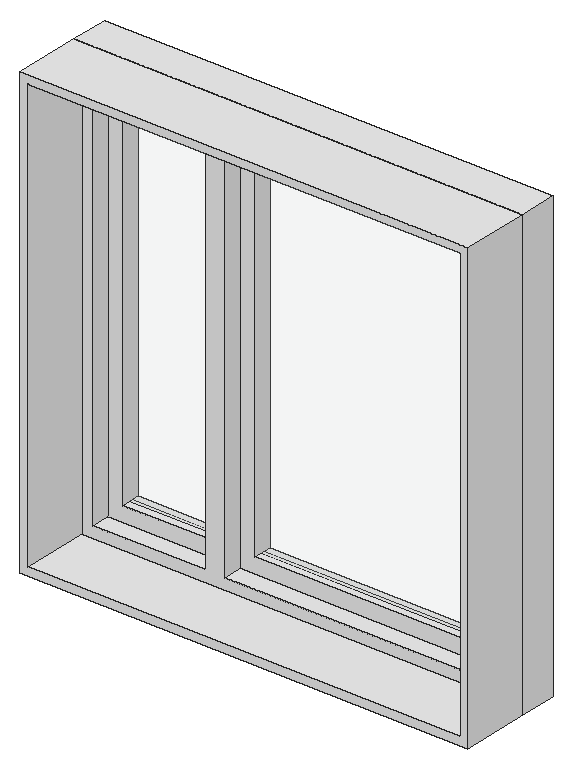
Revit family "Double Vertical", category Windows, host Wall, Revit 2015
Parameters (values of type "12x12M")
  WindowBasalOpening = ""
  Width Side = 400 mm
  Wall Thickness [instance] = 300 mm
  URL = ""
  Total Glass Area = (Rough Height - Frame Width * 2) * (Rough Width - Frame Width * 2)  # 1.1881 m²
  Offset [instance] = 20 mm
  Module Width = Rough Width / 100 mm  # 12
  Module Height = Rough Height / 100 mm  # 12
  Material Jamb = none
  Jamb Width = 20 mm
  Jamb [instance] = yes
  Gap [instance] = 10 mm
  Rough Width = 1190 mm
  Rough Height = 1190 mm
  Model = ""
  Material Glass = none
  Material Frame = none
  Frame Width = 50 mm
  Height [instance] = Rough Height + Gap * 2  # 1210 mm
  Frame Depth = 100 mm
  Field 2 [instance] = Opening : Opening
  Field 1 [instance] = Opening : Opening
  Default Sill Height = 900 mm
  Wall Closure = By host
  Width [instance] = Rough Width + Gap * 2  # 1210 mm
  Assembly Code = ""
  Analytic Construction = "<None>"
Reference planes
  plane 1 "Center (Front/Back)": y = -20
  plane 2 "Center (Left/Right)": x = -42.398
  plane 3 "Left": x = -647.398
  plane 4 "Right": x = 562.602
  plane 5 "Sill": z = 900
  plane 6 "Head": z = 2110
  plane 7 "Exterior": y = 130
  plane 8 "Interior": y = -170
  plane 9: x = -637.398
  plane 10: x = 552.602
  plane 11: z = 910
  plane 12: z = 2100
  plane 13 "Offset": y = 110
  plane 14 "Offset Jamb": y = 10
  plane 15: x = 502.602
  plane 16: x = -587.398
  plane 17: z = 2050
  plane 18: z = 960
  plane 19: x = -647.398
  plane 20: x = 562.602
  plane 21: z = 900
  plane 22: z = 2110
  plane 23: x = -237.398
  plane 24: x = -287.398
Forms (mm)
  Extrusion 1, solid, material <- "Material Frame"
    sketch origin (0, 110, 0) x (-1, 0, 0) y (0, 0, 1)
      loop
        line (-552.602, 2100) -> (-552.602, 910) -> (637.398, 910) -> (637.398, 2100) -> (-552.602, 2100)
      loop
        line (-502.602, 960) -> (237.398, 960) -> (237.398, 2050) -> (-502.602, 2050) -> (-502.602, 960)
      loop
        line (587.398, 2050) -> (287.398, 2050) -> (287.398, 960) -> (587.398, 960) -> (587.398, 2050)
    from 0 to -100
  Extrusion 2, solid, material <- "Material Jamb", visible <- "Jamb", detail levels medium+fine
    sketch origin (0, 10, 0) x (-1, 0, 0) y (0, 0, 1)
      loop
        line (-552.602, 2100) -> (-552.602, 910) -> (637.398, 910) -> (637.398, 2100) -> (-552.602, 2100)
      loop
        line (617.398, 2080) -> (-532.602, 2080) -> (-532.602, 930) -> (617.398, 930) -> (617.398, 2080)
    from 0 to -180
Lines and regions (mm)
  Opening 1
    outline origin (3500, -170, 0) x (1, 0, 0) y (0, 0, 1)
      loop
        line (-2937.398, 900) -> (-2937.398, 2110) -> (-4147.398, 2110) -> (-4147.398, 900) -> (-2937.398, 900)
Text (mm)
  text "EXTERIOR" at (-1981.535, 863.181, 0), in view "Ref. Level"
  text "INTERIOR" at (-2017.992, -707.606, 0), in view "Ref. Level"
  text "Exterior" at (0, 923.751, 2943.296), in view "Right"
  text "Exterior" at (0, 1019.841, 2788.626), in view "Left"
Dimensions and locks
  equal spacing: plane 3 "Left", plane 2 "Center (Left/Right)", plane 4 "Right"
  "Rough Width": plane 9 to plane 10
  "Rough Height": plane 11 to plane 12
  "Default Sill Height": plane 21 to level
  locked: plane 7 "Exterior" to host wall
  locked: plane 8 "Interior" to host wall
  "Gap": plane 12 to plane 6 "Head"
  "Gap": plane 5 "Sill" to plane 11
  "Gap": plane 10 to plane 4 "Right"
  "Gap": plane 9 to plane 3 "Left"
  "Offset": plane 13 "Offset" to plane 7 "Exterior"
  "Frame Depth": plane 13 "Offset" to plane 14 "Offset Jamb"
  equal spacing: plane 8 "Interior", plane 1 "Center (Front/Back)", plane 7 "Exterior"
  "Frame Width": plane 17 to plane 12
  "Frame Width": plane 16 to plane 9
  "Frame Width": plane 11 to plane 18
  "Frame Width": plane 10 to plane 15
  "Jamb Width": Extrusion 2 sketch curve to Extrusion 2 sketch curve  (x4)
  "Wall Thickness": host wall to host wall
  "Width Side": plane 23 to plane 9
  "Frame Width": plane 23 to plane 24
  aligned and locked: plane 10 to Extrusion 1
  aligned and locked: Extrusion 1 to plane 9
  aligned and locked: plane 12 to Extrusion 1
  aligned and locked: Extrusion 1 to plane 11
  aligned and locked: Extrusion 1 to plane 14 "Offset Jamb"
  aligned and locked: plane 8 "Interior" to Extrusion 2
  aligned and locked: Extrusion 1 sketch curve to plane 15
  aligned and locked: Extrusion 1 sketch curve to plane 17  (x2)
  aligned and locked: Extrusion 1 sketch curve to plane 16
  aligned and locked: Extrusion 1 sketch curve to plane 18  (x2)
  aligned and locked: Extrusion 2 sketch curve to plane 9
  aligned and locked: Extrusion 2 sketch curve to plane 12
  aligned and locked: Extrusion 2 sketch curve to plane 10
  aligned and locked: Extrusion 2 sketch curve to plane 11
  aligned and locked: plane 19 to plane 3 "Left"
  aligned and locked: plane 20 to plane 4 "Right"
  aligned and locked: plane 21 to plane 5 "Sill"
  aligned and locked: plane 22 to plane 6 "Head"
  aligned and locked: Extrusion 1 sketch curve to plane 23
  aligned and locked: Extrusion 1 sketch curve to plane 24
  aligned and locked: plane 16 to nested 1
  aligned and locked: nested 1 to plane 24
  aligned and locked: nested 2 to plane 23
  aligned and locked: nested 2 to plane 15
  aligned and locked: nested 1 to plane 17
  aligned and locked: nested 2 to plane 17
  aligned and locked: plane 18 to nested 1
  aligned and locked: plane 18 to nested 2
Automatic sketch dimensions
  Opening 1 sketch curve to plane 3 "Left" = 0 mm
  Opening 1 sketch curve to plane 4 "Right" = 0 mm
  Opening 1 sketch curve to plane 5 "Sill" = 0 mm
  Opening 1 sketch curve to plane 6 "Head" = 0 mm
  Extrusion 1 sketch curve to plane 10 = 0 mm
  Extrusion 1 sketch curve to plane 9 = 0 mm
  Extrusion 1 sketch curve to plane 11 = 0 mm
  Extrusion 1 sketch curve to plane 12 = 0 mm
Nested families
  nested 1: "Opening" at (-437.398, -20, 160), type <- "Field 2", Offset <- "Offset", Material Glass <- "Material Glass", Material Frame <- "Material Frame", type "Opening"
    with Width 300 mm, Offset 20 mm, Material Glass none, Material Frame none, Height 1090 mm
  nested 2: "Opening" at (132.602, -20, 160), type <- "Field 1", Offset <- "Offset", Material Glass <- "Material Glass", Material Frame <- "Material Frame", type "Opening"
    with Width 740 mm, Offset 20 mm, Material Glass none, Material Frame none, Height 1090 mm
Definition of nested family "Opening"
  Parameters (values of type "Opening")
    Offset [instance] = 20 mm
    Material Glass [instance] = none
    Material Frame [instance] = none
    Height [instance] = 1500 mm
    Default Sill Height = 800 mm
    Wall Closure = (empty or 0)
    Width [instance] = 1000 mm
    Analytic Construction = "<None>"
  Reference planes
    plane 1 "Center (Front/Back)": y = 0
    plane 2 "Center (Left/Right)": x = 0
    plane 3 "Left": x = -500
    plane 4 "Right": x = 500
    plane 5 "Sill": z = 800
    plane 6 "Head": z = 2300
    plane 7 "Exterior": y = 100
    plane 8 "Interior": y = -100
    plane 9 "Offset": y = 80
    plane 10: z = 1550
  Forms (mm)
    Extrusion 1, solid, material <- "Material Frame"
      sketch origin (0, 80, 0) x (-1, 0, 0) y (0, 0, 1)
        loop
          line (-500, 2300) -> (-500, 800) -> (500, 800) -> (500, 2300) -> (-500, 2300)
        loop
          line (-460, 2260) -> (-460, 840) -> (460, 840) -> (460, 2260) -> (-460, 2260)
      from 0 to -50
    Extrusion 2, solid, material <- "Material Glass"
      sketch origin (0, 80, 0) x (-1, 0, 0) y (0, 0, 1)
        loop
          line (-460, 2260) -> (-460, 840) -> (460, 840) -> (460, 2260) -> (-460, 2260)
      from -20 to -30
  Lines and regions (mm)
    symbolic lines
      curve 1: line (500, 100, 2300) -> (-500, 100, 1550)
      curve 2: line (-500, 100, 1550) -> (500, 100, 800)
      curve 9: line (-500, 80, 0) -> (500, 80, 0)
      curve 10: line (-500, 30, 0) -> (-500, 80, 0)
      curve 11: line (500, 30, 0) -> (-500, 30, 0)
      curve 12: line (-460, 80, 0) -> (-460, 30, 0)
      curve 13: line (460, 30, 0) -> (460, 80, 0)
      curve 14: line (500, 80, 0) -> (500, 30, 0)
    symbolic lines, detail levels fine
      curve 3: line (-460, 50, 0) -> (460, 50, 0)
      curve 4: line (460, 60, 0) -> (-460, 60, 0)
      curve 6: line (500, 50, 840) -> (500, 50, 2260)
      curve 7: line (500, 60, 2260) -> (500, 60, 840)
    symbolic lines, detail levels coarse+medium
      curve 5: line (-460, 55, 0) -> (460, 55, 0)
      curve 8: line (500, 55, 2260) -> (500, 55, 840)
  Text (mm)
    text "EXTERIOR" at (-1963.203, 1332.353, 0), in view "Ref. Level"
    text "INTERIOR" at (-1981.466, -818.386, 0), in view "Ref. Level"
    text "Exterior" at (0, 923.751, 2943.296), in view "Right"
    text "Exterior" at (0, 1040.484, 2685.409), in view "Left"
  Dimensions and locks
    equal spacing: plane 3 "Left", plane 2 "Center (Left/Right)", plane 4 "Right"
    "Width": plane 3 "Left" to plane 4 "Right"
    "Height": plane 5 "Sill" to plane 6 "Head"
    "Default Sill Height": plane 5 "Sill" to level
    locked: plane 7 "Exterior" to host wall at 0
    locked: plane 8 "Interior" to host wall
    "Offset": plane 9 "Offset" to plane 7 "Exterior"
    equal spacing: plane 5 "Sill", plane 10, plane 6 "Head"
    equal spacing: Extrusion 2, curve 5, Extrusion 2
    equal spacing: Extrusion 2, curve 8, Extrusion 2
    aligned and locked: Extrusion 2 sketch curve to Extrusion 1  (x4)
    aligned and locked: curve 3 to Extrusion 2
    aligned and locked: curve 4 to Extrusion 2
    aligned and locked: curve 6 to Extrusion 2
    aligned and locked: curve 7 to Extrusion 2
    aligned and locked: curve 12 to Extrusion 1
    aligned and locked: curve 9 to plane 9 "Offset"
    aligned and locked: curve 10 to plane 3 "Left"
    aligned and locked: curve 11 to Extrusion 1
    aligned and locked: curve 13 to Extrusion 1
    aligned and locked: curve 14 to Extrusion 1
  Automatic sketch dimensions
    plane 4 "Right" to Extrusion 1 sketch curve = 0 mm
    plane 3 "Left" to Extrusion 1 sketch curve = 0 mm
    Extrusion 1 sketch curve to plane 5 "Sill" = 0 mm
    Extrusion 1 sketch curve to plane 6 "Head" = 0 mm
    plane 4 "Right" to Extrusion 1 sketch curve = 40 mm
    Extrusion 1 sketch curve to plane 3 "Left" = 40 mm
    Extrusion 1 sketch curve to plane 5 "Sill" = 40 mm
    plane 6 "Head" to Extrusion 1 sketch curve = 40 mm
    plane 3 "Left" to curve 2 = 0 mm
    plane 4 "Right" to curve 2 = 0 mm
    plane 4 "Right" to curve 1 = 0 mm
    curve 2 to plane 5 "Sill" = 0 mm
    curve 2 to plane 10 = 0 mm
    curve 1 to plane 6 "Head" = 0 mm
    curve 8 to plane 5 "Sill" = 40 mm
    curve 7 to curve 8 = 0 mm  (x2)
    curve 8 to curve 6 = 0 mm  (x2)
    plane 6 "Head" to curve 8 = 40 mm
    curve 13 to plane 9 "Offset" = 0 mm
